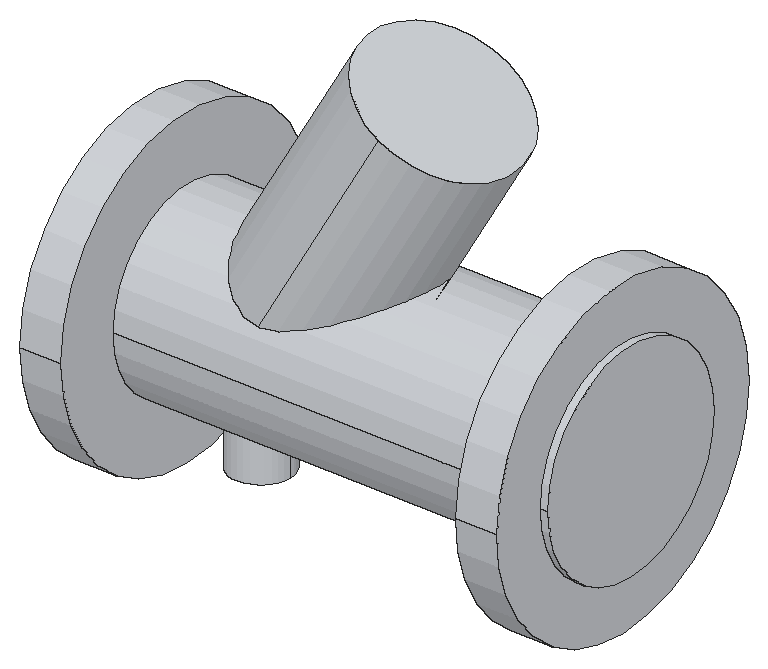
Revit family "HS 821-síto_standard-PN40-DN065-RFA_2019", category Pipe Accessories, Revit 2019
Family settings
  Round Connector Dimension = Use Diameter
  Part Type = Breaks Into
  Work Plane-Based = No
  Always vertical = Yes
  Cut with Voids When Loaded = No
  Shared = No
Parameters (values of type "821F-DN065-PN40-síto_standard")
  magiProductId = "dc9821e3f9b34e128f6a8c6b34c198"
  magiProductFamilyId = "79214ac3aaa945e397802f559f5c1e"
  magiPartTypeId = 307
  isMeasuringValve [instance] = no
  ang2D [instance] = 0.00°
  ZB__ve = -ZB  # -29.75 mm
  ZB1 = 49.41 mm
  ZB = 29.75 mm
  X2 = 86.927 mm
  X1 = 40.6 mm
  W2D = 15 mm
  VersionID = "2.0/2017.9.26.1/ZETKAMA_821_001"
  Use Minimum Symbol Size [instance] = yes
  URL = "www.hydronic.cz"
  Type Comments = "Filtr přírubový; síto standardní; A-PN16 (-10~300°C); D-PN25 (-10~350°C); F-PN40 (-10~400°C)"
  S = 122 mm
  QmdConnectorList = "301;D;302;D"
  Productdata [instance] = ""
  Manufacturer = "Hydronic Systems Prague s.r.o."
  MC Product Code = "240 665 (821F; DN065; PN40; kvs101,5; oko síta 1,25mm)"
  LM1 = 23.2 mm
  LM = 232 mm
  L4 = 72.5 mm
  L2D_Min = 3048 mm
  L2D = 130 mm
  L2 = 145 mm
  HH2 = 150.562 mm
  FD = 185 mm
  Description = "Filtr přírubový; síto standardní; 821A-PN16; 821D-PN25; 821F-PN40"
  DM1 = 94.2 mm
  DM = 109.8 mm
  D = 65 mm
  CC = 4.93 mm
  CAT0 = yes
  C1 = 24.07 mm
  C = 29 mm
  BD = 34.587 mm
Types (40, lengths in mm): name | magiProductId | ZB__ve | ZB1 | ZB | X2 | X1 | S | MC Product Code | LM1 | LM | L4 | L2 | HH2 | FD | DM1 | DM | D | CC | C1 | C | BD
  821A-DN015-PN16-síto_standard | "a71bcfe8b393460598b23e8ddf7dc5" | -16.25 | 18.63 | 16.25 | 46.982 | 18.2 | 46 | "200 115 (821A; DN015; PN16; kvs6,3; oko síta 1,00mm)" | 10.4 | 104 | 32.5 | 65 | 81.375 | 95 | 27.6 | 41.4 | 15 | 2.21 | 10.79 | 13 | 13.041
  821A-DN020-PN16-síto_standard | "41cd6c7a12924f4991217528336076" | -17.75 | 22.68 | 17.75 | 51.673 | 21 | 56 | "200 120 (821A; DN020; PN16; kvs11,2; oko síta 1,00mm)" | 12 | 120 | 37.5 | 75 | 89.5 | 105 | 33.6 | 50.4 | 20 | 2.55 | 12.45 | 15 | 15.876
  821A-DN025-PN16-síto_standard | "be378b463ed14c3abf4c9b3ae8cf3a" | -19.25 | 26.325 | 19.25 | 58.601 | 22.4 | 65 | "200 125 (821A; DN025; PN16; kvs14,7; oko síta 1,00mm)" | 12.8 | 128 | 40 | 80 | 101.5 | 115 | 43.2 | 58.5 | 25 | 2.72 | 13.28 | 16 | 18.427
  821A-DN032-PN16-síto_standard | "227a0d18b21540afabe8b6067d35fa" | -23 | 30.78 | 23 | 68.849 | 25.2 | 76 | "200 132 (821A; DN032; PN16; kvs23,7; oko síta 1,00mm)" | 14.4 | 144 | 45 | 90 | 119.25 | 140 | 50.4 | 68.4 | 32 | 3.06 | 14.94 | 18 | 21.546
  821A-DN040-PN16-síto_standard | "d106917c74724141a10440112d0102" | -24.5 | 34.02 | 24.5 | 75.777 | 28 | 84 | "200 140 (821A; DN040; PN16; kvs37,7; oko síta 1,00mm)" | 16 | 160 | 50 | 100 | 131.25 | 150 | 60 | 75.6 | 40 | 3.4 | 16.6 | 20 | 23.814
  821A-DN050-PN16-síto_standard | "8255d456a09e4f6486734f5dd9171b" | -26.75 | 40.095 | 26.75 | 79.061 | 32.2 | 99 | "200 150 (821A; DN050 PN16; kvs57,9; oko síta 1,00mm)" | 18.4 | 184 | 57.5 | 115 | 136.938 | 165 | 73.8 | 89.1 | 50 | 3.91 | 19.09 | 23 | 28.066
  821A-DN065-PN16-síto_standard | "235b1b3e4c0843779a4d5e3716d40a" | -29.75 | 47.79 | 29.75 | 86.927 | 40.6 | 118 | "200 165 (821A; DN065; PN16; kvs101,5; oko síta 1,25mm)" | 23.2 | 232 | 72.5 | 145 | 150.562 | 185 | 94.2 | 106.2 | 65 | 4.93 | 24.07 | 29 | 33.453
  821A-DN080-PN16-síto_standard | "a067f7c5236348ed8c820d16df7214" | -32 | 53.46 | 32 | 104.753 | 43.4 | 132 | "200 180 (821A; DN080; PN16; kvs147,4; oko síta 1,25mm)" | 24.8 | 248 | 77.5 | 155 | 181.438 | 200 | 107.4 | 118.8 | 80 | 5.27 | 25.73 | 31 | 37.422
  821A-DN100-PN16-síto_standard | "c49a648c2747461285837d643703cd" | -35 | 63.18 | 35 | 114.857 | 49 | 156 | "200 190 (821A; DN100; PN16; kvs209,6; oko síta 1,60mm)" | 28 | 280 | 87.5 | 175 | 198.937 | 220 | 131.4 | 140.4 | 100 | 5.95 | 29.05 | 35 | 44.226
  821A-DN125-PN16-síto_standard | "bf68e728a163493cbd2a663b26ebdc" | -39.5 | 74.52 | 39.5 | 131.888 | 56 | 184 | "200 191 (821A; DN125; PN16; kvs326,2; oko síta 1,60mm)" | 32 | 320 | 100 | 200 | 228.438 | 250 | 165 | 165.6 | 125 | 6.8 | 33.2 | 40 | 52.164
  821A-DN150-PN16-síto_standard | "2de770284b654863ae6bc865769dc5" | -44.75 | 85.455 | 44.75 | 155.885 | 67.2 | 211 | "200 192 (821A; DN150; PN16; kvs403; oko síta 1,60mm)" | 38.4 | 384 | 120 | 240 | 270 | 285 | 192 | 189.9 | 150 | 8.16 | 39.84 | 48 | 59.818
  821A-DN200-PN16-síto_standard | "8e5693371ab64aabb29a7f08c76e15" | -53 | 107.73 | 53 | 188.361 | 84 | 266 | "200 193 (821A; DN200; PN16; kvs707; oko síta 1,60mm)" | 48 | 480 | 150 | 300 | 326.25 | 340 | 252 | 239.4 | 200 | 10.2 | 49.8 | 60 | 75.411
  821A-DN250-PN16-síto_standard | "05e37ed948c34047acdd4c42556504" | -62.75 | 129.195 | 62.75 | 255.911 | 102.2 | 319 | "200 194 (821A; DN250; PN16; kvs1234; oko síta 1,60mm)" | 58.4 | 584 | 182.5 | 365 | 443.25 | 405 | 309.6 | 287.1 | 250 | 12.41 | 60.59 | 73 | 90.436
  821A-DN300-PN16-síto_standard | "9ad0af747269428da925480d83ce80" | -71 | 149.85 | 71 | 325.914 | 119 | 370 | "200 195 (821A; DN300; PN16; kvs1916; oko síta 1,60mm)" | 68 | 680 | 212.5 | 425 | 564.5 | 460 | 369.6 | 333 | 300 | 14.45 | 70.55 | 85 | 104.895
  821A-DN350-PN16-síto_standard | "eebc71459bb3451bb4355e7951370a" | -80 | 173.745 | 80 | 356.875 | 137.2 | 429 | "200 196 (821A; DN350; PN16; kvs2621; oko síta 1,60mm)" | 78.4 | 784 | 245 | 490 | 618.125 | 520 | 438 | 386.1 | 350 | 16.66 | 81.34 | 98 | 121.621
  821A-DN400-PN16-síto_standard | "d2f677cb196647e385b2590e7d8abe" | -89 | 194.4 | 89 | 392.237 | 154 | 480 | "200 197 (821A; DN400; PN16; kvs3460; oko síta 1,60mm)" | 88 | 880 | 275 | 550 | 679.375 | 580 | 498 | 432 | 400 | 18.7 | 91.3 | 110 | 136.08
  821D-DN015-PN25-síto_standard | "27ddcbf555414f8ca1fde329bf9087" | -16.25 | 18.63 | 16.25 | 46.982 | 18.2 | 46 | "200 215 (821D; DN015; PN25; kvs6,3; oko síta 1,00mm)" | 10.4 | 104 | 32.5 | 65 | 81.375 | 95 | 27.6 | 41.4 | 15 | 2.21 | 10.79 | 13 | 13.041
  821D-DN020-PN25-síto_standard | "270e0f14012f47189cd0235c18faee" | -17.75 | 22.68 | 17.75 | 51.673 | 21 | 56 | "200 220 (821D; DN020; PN25; kvs11,2; oko síta 1,00mm)" | 12 | 120 | 37.5 | 75 | 89.5 | 105 | 33.6 | 50.4 | 20 | 2.55 | 12.45 | 15 | 15.876
  821D-DN025-PN25-síto_standard | "b9a7fb4aa36643878c637d8e1ab992" | -19.25 | 26.325 | 19.25 | 58.601 | 22.4 | 65 | "200 225 (821D; DN025; PN25; kvs14,7; oko síta 1,00mm)" | 12.8 | 128 | 40 | 80 | 101.5 | 115 | 43.2 | 58.5 | 25 | 2.72 | 13.28 | 16 | 18.427
  821D-DN032-PN25-síto_standard | "6be9a55c4e68400f94eec7e804204c" | -23 | 30.78 | 23 | 68.849 | 25.2 | 76 | "200 232 (821D; DN032; PN25; kvs23,7; oko síta 1,00mm)" | 14.4 | 144 | 45 | 90 | 119.25 | 140 | 50.4 | 68.4 | 32 | 3.06 | 14.94 | 18 | 21.546
  821D-DN040-PN25-síto_standard | "c54511bd7f584ec2984291479612cb" | -24.5 | 34.02 | 24.5 | 75.777 | 28 | 84 | "200 240 (821D; DN040; PN25; kvs37,7; oko síta 1,00mm)" | 16 | 160 | 50 | 100 | 131.25 | 150 | 60 | 75.6 | 40 | 3.4 | 16.6 | 20 | 23.814
  821D-DN050-PN25-síto_standard | "5483b1f596b04cd39b23a14a22c90e" | -26.75 | 40.095 | 26.75 | 79.061 | 32.2 | 99 | "200 250 (821D; DN050; PN25; kvs57,9; oko síta 1,00mm)" | 18.4 | 184 | 57.5 | 115 | 136.938 | 165 | 73.8 | 89.1 | 50 | 3.91 | 19.09 | 23 | 28.066
  821D-DN065-PN25-síto_standard | "767b0f8318e94750bc7a9930ed5b30" | -29.75 | 47.79 | 29.75 | 86.927 | 40.6 | 118 | "200 265 (821D; DN065; PN25; kvs101,5; oko síta 1,25mm)" | 23.2 | 232 | 72.5 | 145 | 150.562 | 185 | 94.2 | 106.2 | 65 | 4.93 | 24.07 | 29 | 33.453
  821D-DN080-PN25-síto_standard | "e21040fa3cc2404b858198f6b73709" | -32 | 53.46 | 32 | 104.753 | 43.4 | 132 | "200 280 (821D; DN080; PN25; kvs147,4; oko síta 1,25mm)" | 24.8 | 248 | 77.5 | 155 | 181.438 | 200 | 107.4 | 118.8 | 80 | 5.27 | 25.73 | 31 | 37.422
  821D-DN100-PN25-síto_standard | "175ca87a506b40b3bc6b82f12f33cf" | -37.25 | 63.18 | 37.25 | 114.857 | 49 | 156 | "200 290 (821D; DN100; PN25; kvs209,6; oko síta 1,60mm)" | 28 | 280 | 87.5 | 175 | 198.937 | 235 | 131.4 | 140.4 | 100 | 5.95 | 29.05 | 35 | 44.226
  821D-DN125-PN25-síto_standard | "77cc98d60da24855999a22dff726b2" | -42.5 | 74.52 | 42.5 | 131.888 | 56 | 184 | "200 291 (821D; DN125; PN25; kvs326,2; oko síta 1,60mm)" | 32 | 320 | 100 | 200 | 228.438 | 270 | 165 | 165.6 | 125 | 6.8 | 33.2 | 40 | 52.164
  821D-DN150-PN25-síto_standard | "9cf8acfcd15547d68e83172d3abcbe" | -47 | 85.455 | 47 | 155.885 | 67.2 | 211 | "200 292 (821D; DN150; PN25; kvs403; oko síta 1,60mm)" | 38.4 | 384 | 120 | 240 | 270 | 300 | 192 | 189.9 | 150 | 8.16 | 39.84 | 48 | 59.818
  821D-DN200-PN25-síto_standard | "16973f3c9ea14389ba8602495a6b64" | -56 | 110.97 | 56 | 188.361 | 84 | 274 | "200 293 (821D; DN200; PN25; kvs707; oko síta 1,60mm)" | 48 | 480 | 150 | 300 | 326.25 | 360 | 252 | 246.6 | 200 | 10.2 | 49.8 | 60 | 77.679
  821F-DN015-PN40-síto_standard | "4c7eaf3c4c0340888b3e684d8a8616" | -16.25 | 18.225 | 16.25 | 46.982 | 18.2 | 45 | "240 615 (821F; DN015; PN40; kvs6,3; oko síta 1,00mm)" | 10.4 | 104 | 32.5 | 65 | 81.375 | 95 | 27.6 | 40.5 | 15 | 2.21 | 10.79 | 13 | 12.757
  821F-DN020-PN40-síto_standard | "aaac5f1ec96b44d6ba96ac2293d66d" | -17.75 | 23.49 | 17.75 | 51.673 | 21 | 58 | "240 620 (821F; DN020; PN40; kvs11,2; oko síta 1,00mm)" | 12 | 120 | 37.5 | 75 | 89.5 | 105 | 33.6 | 52.2 | 20 | 2.55 | 12.45 | 15 | 16.443
  821F-DN025-PN40-síto_standard | "504768023968471481789485b54c7e" | -19.25 | 27.54 | 19.25 | 58.601 | 22.4 | 68 | "240 625 (821F; DN025; PN40; kvs14,7; oko síta 1,00mm)" | 12.8 | 128 | 40 | 80 | 101.5 | 115 | 43.2 | 61.2 | 25 | 2.72 | 13.28 | 16 | 19.278
  821F-DN032-PN40-síto_standard | "165e7f39cf744f329bdf1c400dad12" | -23 | 31.59 | 23 | 68.849 | 25.2 | 78 | "240 632 (821F; DN032; PN40; kvs23,7; oko síta 1,00mm)" | 14.4 | 144 | 45 | 90 | 119.25 | 140 | 50.4 | 70.2 | 32 | 3.06 | 14.94 | 18 | 22.113
  821F-DN040-PN40-síto_standard | "b8903f952089408fbf3a5a632bab1f" | -24.5 | 35.64 | 24.5 | 75.777 | 28 | 88 | "240 640 (821F; DN040; PN40; kvs37,7; oko síta 1,00mm)" | 16 | 160 | 50 | 100 | 131.25 | 150 | 60 | 79.2 | 40 | 3.4 | 16.6 | 20 | 24.948
  821F-DN050-PN40-síto_standard | "c451f97266fe48da8f879cb6a2bd44" | -26.75 | 41.31 | 26.75 | 79.061 | 32.2 | 102 | "240 650 (821F; DN050; PN40; kvs57,9; oko síta 1,00mm)" | 18.4 | 184 | 57.5 | 115 | 136.938 | 165 | 73.8 | 91.8 | 50 | 3.91 | 19.09 | 23 | 28.917
  821F-DN065-PN40-síto_standard | "dc9821e3f9b34e128f6a8c6b34c198" | -29.75 | 49.41 | 29.75 | 86.927 | 40.6 | 122 | "240 665 (821F; DN065; PN40; kvs101,5; oko síta 1,25mm)" | 23.2 | 232 | 72.5 | 145 | 150.562 | 185 | 94.2 | 109.8 | 65 | 4.93 | 24.07 | 29 | 34.587
  821F-DN080-PN40-síto_standard | "689aa1e260f84cf4994f027a1d86b5" | -32 | 55.89 | 32 | 104.753 | 43.4 | 138 | "240 680 (821F; DN080; PN40; kvs147,4; oko síta 1,25mm)" | 24.8 | 248 | 77.5 | 155 | 181.438 | 200 | 107.4 | 124.2 | 80 | 5.27 | 25.73 | 31 | 39.123
  821F-DN100-PN40-síto_standard | "8a45d4e8e2ab425f8c432f21d684f3" | -37.25 | 65.61 | 37.25 | 114.857 | 49 | 162 | "240 690 (821F; DN100; PN40; kvs209,6; oko síta 1,6mm)" | 28 | 280 | 87.5 | 175 | 198.937 | 235 | 131.4 | 145.8 | 100 | 5.95 | 29.05 | 35 | 45.927
  821F-DN125-PN40-síto_standard | "cf073904c006406b8645afa67ea2fc" | -42.5 | 76.14 | 42.5 | 131.888 | 56 | 188 | "240 691 (821F; DN125; PN40; kvs326,2; oko síta 1,6mm)" | 32 | 320 | 100 | 200 | 228.438 | 270 | 165 | 169.2 | 125 | 6.8 | 33.2 | 40 | 53.298
  821F-DN150-PN40-síto_standard | "0153b9ddabe14992a630484929fdbc" | -47 | 88.29 | 47 | 155.885 | 67.2 | 218 | "240 692 (821F; DN150; PN40; kvs403; oko síta 1,6mm)" | 38.4 | 384 | 120 | 240 | 270 | 300 | 192 | 196.2 | 150 | 8.16 | 39.84 | 48 | 61.803
  821F-DN200-PN40-síto_standard | "7fb3fc01dd8d42428c203e3f8dd4d5" | -56 | 115.425 | 56 | 188.361 | 84 | 285 | "240 693 (821F; DN200; PN40; kvs707; oko síta 1,6mm)" | 48 | 480 | 150 | 300 | 326.25 | 360 | 252 | 256.5 | 200 | 10.2 | 49.8 | 60 | 80.797
Reference planes
  plane 1 "Center (Front/Back)": y = 0
  plane 2 "XYPLANE": z = 0
  plane 3 "Center (Left/Right)": x = 0
  plane 4 "109": x = -92.8
  plane 5 "108": x = 116
  plane 6 "107": x = -116
  plane 7 "105": x = 145
  plane 8 "104": x = -145
  plane 9 "103": y = 0
  plane 10 "102": z = 0
  plane 11 "101": x = -140.07
  plane 12 "100": x = 140.07
  plane 13 "11": x = -52.2
  plane 14 "10": z = 150.562
  plane 15 "9": x = 34.727
  plane 16 "5": z = -49.41
  plane 17 "4": x = -72.5
  plane 18 "1": x = 72.5
Forms (mm)
  Extrusion 1, solid, visible <- "CAT0"
    sketch origin (-116, -750, 0) x (0, 1, 0) y (0, 0, 1)
      loop
        circle (750, 0) r 54.9
    from 0 to 232 <- "LM"
  Extrusion 2, solid
    sketch origin (-145, -750, 0) x (0, 1, 0) y (0, 0, 1)
      loop
        circle (750, 0) r 61
    from 0 to 4.93 <- "CC"
  Extrusion 3, solid
    sketch origin (-140.07, -750, 0) x (0, 1, 0) y (0, 0, 1)
      loop
        circle (750, 0) r 92.5
    from 0 to 24.07 <- "C1"
  Extrusion 4, solid
    sketch origin (116, -750, 0) x (0, 1, 0) y (0, 0, 1)
      loop
        circle (750, 0) r 92.5
    from 0 to 24.07 <- "C1"
  Extrusion 5, solid
    sketch origin (140.07, -750, 0) x (0, 1, 0) y (0, 0, 1)
      loop
        circle (750, 0) r 61
    from 0 to 4.93 <- "CC"
  Sweep 6, solid, visible <- "CAT0"
    path origin (750, 0, 0) x (-1, 0, 0) y (0, 0, 1)
      loop
        line (866, 0) -> (802.2, 0) -> (715.273, 150.562)
    profile origin (-116, 0, 0) x (0, 0, -1) y (0, 1, 0)
      loop
        circle (0, 0) r 47.1
  Extrusion 7, solid, visible <- "CAT0"
    sketch origin (-750, 0, -49.41) x (1, 0, 0) y (0, 1, 0)
      loop
        circle (677.5, 0) r 17.293
    from 0 to -29.75 <- "ZB__ve"
  Extrusion 8, solid, visible <- "CAT0"
    sketch origin (-750, 0, -49.41) x (1, 0, 0) y (0, 1, 0)
      loop
        circle (822.5, 0) r 17.293
    from 0 to -29.75 <- "ZB__ve"
  Extrusion 9, solid, not visible
    sketch origin (145, -750, 0) x (0, 1, 0) y (0, 0, 1)
      loop
        circle (750, 0) r 10
    from 0 to -10
  Extrusion 10, solid, not visible
    sketch origin (-145, -750, 0) x (0, 1, 0) y (0, 0, 1)
      loop
        circle (750, 0) r 10
    from 0 to 10
Lines and regions (mm)
  reference lines, not visible
    curve 1: circle (2, 2, 0) r 1 normal (0, 0, 1)
Dimensions and locks
  plane 1 "Center (Front/Back)" to curve 1 = 2 mm
  "LM1": plane 6 "107" to plane 4 "109"
  "LM": plane 6 "107" to plane 5 "108"
  "C": plane 8 "104" to plane 6 "107"
  "L2": plane 3 "Center (Left/Right)" to plane 7 "105"
  "L2": plane 3 "Center (Left/Right)" to plane 8 "104"
  locked: plane 1 "Center (Front/Back)" to plane 9 "103"
  locked: plane 2 "XYPLANE" to plane 10 "102"
  "CC": plane 8 "104" to plane 11 "101"
  "C1": plane 5 "108" to plane 12 "100"
  "X1": plane 4 "109" to plane 13 "11"
  "HH2": plane 2 "XYPLANE" to plane 14 "10"
  "X2": plane 13 "11" to plane 15 "9"
  "ZB1": plane 2 "XYPLANE" to plane 16 "5"
  "L4": plane 8 "104" to plane 17 "4"
  "L2": plane 17 "4" to plane 18 "1"
  Sweep 6 sketch curve to Sweep 6 sketch curve = 0 mm  (x2)
  "DM": diameter of Extrusion 1 sketch curve
  "S": diameter of Extrusion 2 sketch curve
  "FD": diameter of Extrusion 3 sketch curve
  "FD": diameter of Extrusion 4 sketch curve
  "S": diameter of Extrusion 5 sketch curve
  "DM1": diameter of Sweep 6 sketch curve
  "BD": diameter of Extrusion 7 sketch curve
  "BD": diameter of Extrusion 8 sketch curve
  aligned and locked: level to plane 2 "XYPLANE"
  aligned and locked: Extrusion 1 sketch curve to plane 9 "103"
  aligned and locked: plane 10 "102" to Extrusion 1 sketch curve
  aligned and locked: Extrusion 2 sketch curve to plane 9 "103"
  aligned and locked: plane 10 "102" to Extrusion 2 sketch curve
  aligned and locked: Extrusion 3 sketch curve to plane 9 "103"
  aligned and locked: plane 10 "102" to Extrusion 3 sketch curve
  aligned and locked: Extrusion 4 sketch curve to plane 9 "103"
  aligned and locked: plane 10 "102" to Extrusion 4 sketch curve
  aligned and locked: Extrusion 5 sketch curve to plane 9 "103"
  aligned and locked: plane 10 "102" to Extrusion 5 sketch curve
  aligned and locked: Sweep 6 sketch curve to plane 9 "103"
  aligned and locked: plane 10 "102" to Sweep 6 sketch curve  (x3)
  aligned and locked: plane 6 "107" to Sweep 6 sketch curve
  aligned and locked: plane 13 "11" to Sweep 6 sketch curve
  aligned and locked: plane 14 "10" to Sweep 6 sketch curve
  aligned and locked: plane 15 "9" to Sweep 6 sketch curve
  aligned and locked: plane 9 "103" to Extrusion 7 sketch curve
  aligned and locked: plane 17 "4" to Extrusion 7 sketch curve
  aligned and locked: plane 9 "103" to Extrusion 8 sketch curve
  aligned and locked: plane 18 "1" to Extrusion 8 sketch curve
  aligned and locked: Extrusion 9 sketch curve to plane 9 "103"
  aligned and locked: plane 10 "102" to Extrusion 9 sketch curve
  aligned and locked: Extrusion 10 sketch curve to plane 9 "103"
  aligned and locked: plane 10 "102" to Extrusion 10 sketch curve
Automatic sketch dimensions
  plane 1 "Center (Front/Back)" to Extrusion 9 sketch curve = 10 mm
  plane 1 "Center (Front/Back)" to Extrusion 10 sketch curve = 10 mm
  plane 3 "Center (Left/Right)" to curve 1 = 2 mm
  radius of curve 1 = 1 mm
Connectors
  piping at (-145, 0, 0), diameter 65, driven by "D"
    settings: on Extrusion 10, index 1, connector inside diameter 609.6 mm, connector length 0 mm, flow factor 0, pipe flow 0.0 L/s, pressure drop 0.0 Pa, fitting loss kfactor 0, connector angle 0.00°, fixture units 0, engagement length 0 mm, angle of deflection 0.00°, flow configuration 0, flow direction 0, fitting loss method 0, system type 29, joint type 0, gender type 0, connector reference index 2, connector utility 0, adjustable connector no, is connector primary yes, connector description ""
  piping at (145, 0, 0), diameter 65, driven by "D"
    settings: on Extrusion 9, index 2, connector inside diameter 609.6 mm, connector length 0 mm, flow factor 0, pipe flow 0.0 L/s, pressure drop 0.0 Pa, fitting loss kfactor 0, connector angle 0.00°, fixture units 0, engagement length 0 mm, angle of deflection 0.00°, flow configuration 0, flow direction 0, fitting loss method 0, system type 29, joint type 0, gender type 0, connector reference index 1, connector utility 0, adjustable connector no, is connector primary no, connector description ""
